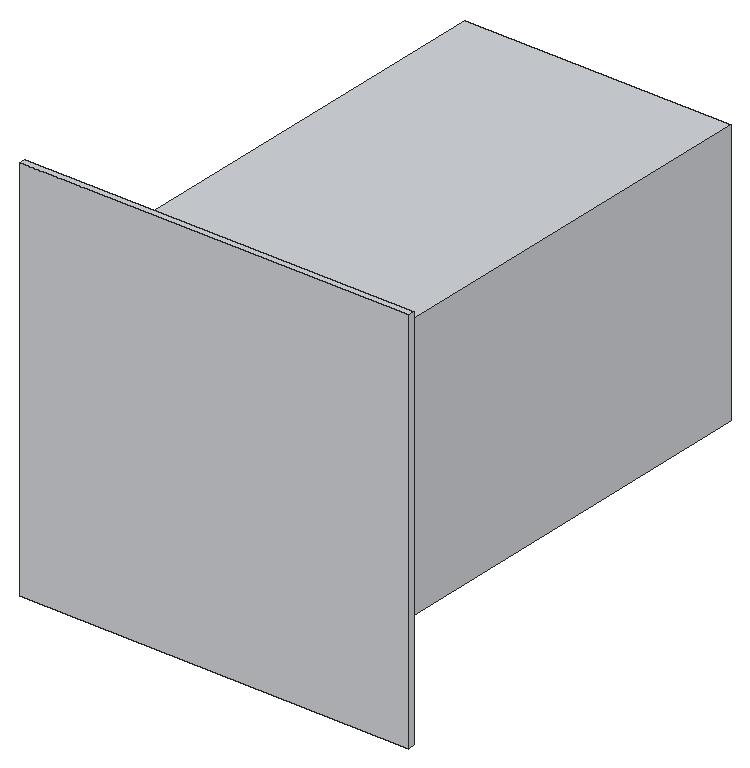
Revit family
Parameters
  URL = "http://www.anemostat.com"
  Type Comments = "Maximum Security Risk Resistant Grille with Steel Perforated Face"
  Sleeve Length User Defined = 14"
  Model = "RRSG"
  Manufacturer = "Anemostat"
  Overall Width = Duct Width User Defined + 3 1/2"  # 11 1/2"
  Overall Height = Duct Height User Defined + 3 1/2"  # 11 1/2"
  Duct Width User Defined = 8"
  Duct Height User Defined = 8"
Reference planes (in)
  plane 1 "Center (Front/Back)": y = 0
  plane 2: z = 0
  plane 3 "Center (Left/Right)": x = 0
  plane 4: x = -5.75
  plane 5: x = 5.75
  plane 6: z = 11.5
  plane 7 "Back of Grille": y = 14
  plane 8: x = 3.9375
  plane 9: x = -3.9375
  plane 10: z = 1.8125
  plane 11: z = 9.6875
Forms (in)
  Extrusion 1, solid
    sketch origin (0, 0, 0) x (1, 0, 0) y (0, 0, 1)
      loop
        line (-5.75, 11.5) -> (-5.75, 0) -> (5.75, 0) -> (5.75, 11.5) -> (-5.75, 11.5)
    from 0 to 0.1875
  Extrusion 2, solid
    sketch origin (0, 14, 0) x (0, 0, 1) y (-1, 0, 0)
      loop
        line (9.6875, -3.9375) -> (9.6875, 3.9375) -> (1.8125, 3.9375) -> (1.8125, -3.9375) -> (9.6875, -3.9375)
    from 0 to 14 <- "Sleeve Length User Defined"
  Extrusion 3, void
    sketch origin (0, 14, 0) x (0, 0, 1) y (-1, 0, 0)
      loop
        line (9.6075, -3.8575) -> (9.6075, 3.8575) -> (1.8925, 3.8575) -> (1.8925, -3.8575) -> (9.6075, -3.8575)
    from 0 to 14 <- "Sleeve Length User Defined"
Cuts and joins
  Extrusion 3 cuts Extrusion 1
  Extrusion 3 cuts Extrusion 2
Dimensions and locks (in)
  equal spacing: plane 5, plane 3 "Center (Left/Right)", plane 4
  "Overall Width": plane 5 to plane 4
  "Overall Height": plane 6 to level
  "Sleeve Length User Defined": plane 7 "Back of Grille" to plane 1 "Center (Front/Back)"
  locked: plane 8 to plane 5 at 1.8125
  locked: plane 4 to plane 9 at 1.8125
  locked: plane 11 to plane 6 at 1.8125
  locked: level to plane 10 at 1.8125
  aligned and locked: plane 4 to Extrusion 1 sketch curve
  aligned and locked: Extrusion 1 sketch curve to plane 6
  aligned and locked: level to Extrusion 1 sketch curve
  aligned and locked: Extrusion 1 sketch curve to plane 5
  aligned and locked: plane 8 to Extrusion 2 sketch curve
  aligned and locked: plane 11 to Extrusion 2 sketch curve
  aligned and locked: plane 10 to Extrusion 2 sketch curve
  aligned and locked: plane 9 to Extrusion 2 sketch curve
Automatic sketch dimensions
  plane 10 to Extrusion 3 sketch curve = 0.08"
  Extrusion 3 sketch curve to plane 11 = 0.08"
  plane 8 to Extrusion 3 sketch curve = 0.08"
  Extrusion 3 sketch curve to plane 9 = 0.08"
Connectors (in)
  hvac at (0, 14, 5.75), driven by "Duct Width User Defined", driven by "Duct Height User Defined"
    settings: on cut or joined group of Extrusion 2, Extrusion 3, index 1
